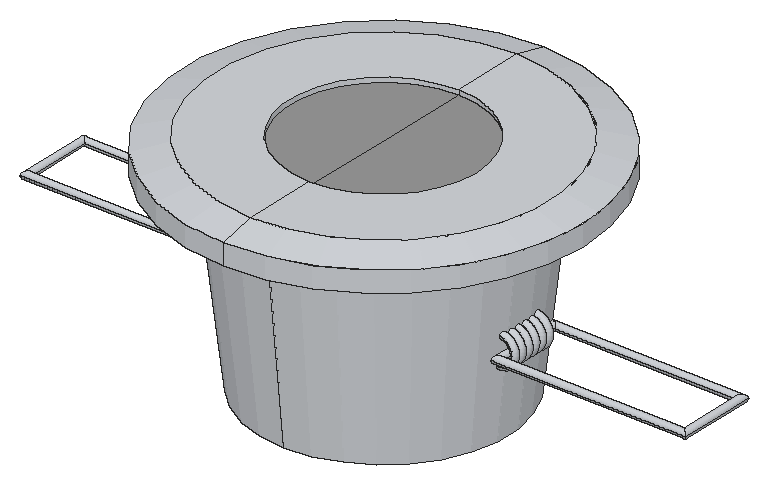
Revit family "0005365-3000K", category Lighting Fixtures, host Face, Revit 2018
Family settings
  Host = Face
  Round Connector Dimension = Use Diameter
  Part Type = Normal
  OmniClass Number = 23.80.70.00
  OmniClass Title = Lighting
  Cut with Voids When Loaded = No
  Light Source = Yes
  Shared = No
  Room Calculation Point = No
Parameters (values of type "0005365 OBICO 68 IP65 530LM 3CCT DIM ADJ CHR")
  Weight = "n/a"
  Wattage Comments = ""
  Wattage = 159.577 W
  WarrantyStartDate [instance] = "n/a"
  WarrantyGuarantorParts = "n/a"
  WarrantyDurationUnit = "n/a"
  WarrantyDurationParts = ""
  WarrantyDescription = "http://www.sylvania-lighting.com"
  built-in parameter 1150110 = 1 (stored number, unit not read)
  Voltage = 0 V
  URL = "0.8"
  TypeName = "OBICO 68 IP65 530lm 3CCT DIM ADJ BRUSHED CHROME"
  Type Image = <None>
  Type Comments = "n/a"
  built-in parameter 1114217 = 1 (stored number, unit not read)
  Tilt Angle = -90.00°
  built-in parameter 1150109 = 1 (stored number, unit not read)
  built-in parameter 1150134 = 12
  built-in parameter 1150113 = 1 (stored number, unit not read)
  SerialNumber [instance] = "n/a"
  Photometric Web File = "0005365-3000K.ies"
  Material_3_SYL = none
  PowerFactor = 0.9
  PowerConsumption = "Lighting"
  NominalLength = 117 mm
  NominalHeight = 54 mm
  NominalDepth = 96 mm
  Name = "OBICO 68 IP65 530lm 3CCT DIM ADJ BRUSHED CHROME"
  ModelReference = Name  # "OBICO 68 IP65 530lm 3CCT DIM ADJ BRUSHED CHROME"
  ModelNumber = "0005365"
  Model = Name  # "OBICO 68 IP65 530lm 3CCT DIM ADJ BRUSHED CHROME"
  Material = "Feilo Sylvania"
  ManufacturerName = "98 lm/W"
  Manufacturer = ""
  LuminousEfficacy = ""
  built-in parameter 1150105 = 23097.3 (stored number, unit not read)
  Lumens = 13404.5 lm
  LuminaireType = "0"
  built-in parameter 1150115 = 1 (stored number, unit not read)
  LightOutputRatio = "LED"
  built-in parameter 1150137 = (empty or 0)
  built-in parameter 1150139 = (empty or 0)
  LampsType = Lamp  # "n/a"
  LampNominalLuminous = "3000 K"
  LampMacAdamStep = "90"
  LampColourTemperature = "LED"
  LampColourRenderingIndex = "16500"
  built-in parameter 1150112 = 1 (stored number, unit not read)
  built-in parameter 1150114 = 1 (stored number, unit not read)
  Lamp = "n/a"
  Keynote = "n/a"
  InstallationDate [instance] = "n/a"
  InputVoltage = "0"
  InputNominalFrequency = "3000"
  built-in parameter 1150132 = (empty or 0)
  built-in parameter 1150102 = (empty or 0)
  built-in parameter 1150107 = 4000 (stored number, unit not read)
  built-in parameter 1150138 = (empty or 0)
  IngressProtection = "IfcLightFixtureType"
  ImpactProtectionIndex = "IfcLightFixtureType"
  built-in parameter 1150106 = 230.97 (stored number, unit not read)
  IfcExportType = "IfcLightFixtureType"
  IfcExportAs = "Class II"
  Emit from Circle Diameter = 609.6 mm
  Emit Shape Visible in Rendering = no
  ElectricShockClassification = "98"
  built-in parameter 1150104 = 7.8039 (stored number, unit not read)
  DocumentationLiterature = "http://www.sylvania-lighting.com/product/en-int/products/0005365"
  DimmingControlOptions = "n/a"
  Material_2_SYL = none
  Dimming Lamp Color Temperature Shift = <None>
  Description = ""
  Default Elevation = 1219.2 mm
  CreatedOn = "27/07/2022"
  CreatedBy = "@sylvania-lighting.com"
  Cost = 0
  Color Filter = 16777215
  built-in parameter 1114216 [instance] = (empty or 0)
  ClassificationValue = "EF_70_80"
  ClassificationName = "Uniclass2015"
  Material_1_SYL = Default
  BarCode [instance] = "n/a"
  built-in parameter 1114218 = 1 (stored number, unit not read)
  built-in parameter 1150133 = 10 (stored number, unit not read)
  AssetType = "Fixed"
  AssetIdentifier [instance] = "n/a"
  Assembly Code = "D5020200"
  Apparent Load = 5.4 VA
  Material_4_SYL = none
Reference planes
  plane 1 "Center (Front/Back)": y = 0
  plane 2: z = 0
  plane 3 "Center (Left/Right)": x = 0
  plane 4: y = -48
  plane 5: y = 48
  plane 6: z = 7
  plane 7: z = -4
  plane 8: z = -47
  plane 9: y = 40
  plane 10: y = -40
  plane 11: y = 30
  plane 12: y = -30
  plane 13: y = -35
  plane 14: y = 35
  plane 15: z = 5
  plane 16: y = 22.5
  plane 17: z = 6
Forms (mm)
  Revolve 1, solid, detail levels medium+fine
    sketch origin (0.25, 1524, 1219.2) x (0, 1, 0) y (0, 0, 1)
      loop
        line (-1524, -1214.2) -> (-1524, -1266.2) -> (-1494, -1266.2) -> (-1489, -1223.2) -> (-1489, -1219.2) -> (-1476, -1219.2) -> (-1476, -1214.2) -> (-1484, -1212.2) -> (-1501.5, -1212.2) -> (-1501.5, -1214.2) -> (-1524, -1214.2)
      axis (-1524, -1266.2) -> (-1524, -1212.2)
    angle from 360 to 0
  Revolve 2, solid, material "Glass, White, High Luminance", detail levels fine
    sketch origin (0.25, 1524, 1219.2) x (0, 1, 0) y (0, 0, 1)
      loop
        line (-1501.5, -1213.2) -> (-1524, -1213.2) -> (-1524, -1214.2) -> (-1501.5, -1214.2) -> (-1501.5, -1213.2)
      axis (-1524, -1214.2) -> (-1524, -1213.2)
    angle from 360 to 0
  Sweep 3, solid, detail levels fine
    path origin (-4.117, 0.46, 7.176) x (1, 0, 0) y (0, 1, 0)
      loop
        line (-75, 8.5) -> (-75, -8.5) -> (-30, -8.5) -> (-30, 8.5) -> (-75, 8.5)
    profile origin (-56.617, 8.96, 7.176) x (0, 1, 0) y (0, 0, 1)
      loop
        circle (0, -33.041) r 0.899
  Revolve 4, solid, detail levels fine
    sketch origin (-32.259, 1523.987, 1226.512) x (0, 1, 0) y (0, 0, 1)
      loop
        circle (-1518.723, -1248.745) r 0.801
      loop
        circle (-1520.733, -1248.823) r 0.801
      loop
        circle (-1522.743, -1248.823) r 0.801
      loop
        circle (-1524.772, -1248.823) r 0.801
      loop
        circle (-1526.817, -1248.823) r 0.801
      loop
        circle (-1528.846, -1248.823) r 0.801
      axis (-1529.647, -1252.2) -> (-1517.923, -1252.2)
    angle from -29.09 to 193.564
  Sweep 5, solid, detail levels fine
    path origin (4.117, 0.46, 7.176) x (-1, 0, 0) y (0, -1, 0)
      loop
        line (-75, -8.5) -> (-30, -8.5) -> (-30, 8.5) -> (-75, 8.5) -> (-75, -8.5)
    profile origin (56.617, 8.96, 7.176) x (0, -1, 0) y (0, 0, 1)
      loop
        circle (0, -33.041) r 0.899
  Revolve 6, solid, detail levels fine
    sketch origin (32.259, 1523.987, 1226.512) x (0, 1, 0) y (0, 0, -1)
      loop
        circle (-1518.723, 1248.745) r 0.801
      loop
        circle (-1520.733, 1248.823) r 0.801
      loop
        circle (-1522.743, 1248.823) r 0.801
      loop
        circle (-1524.772, 1248.823) r 0.801
      loop
        circle (-1526.817, 1248.823) r 0.801
      loop
        circle (-1528.846, 1248.823) r 0.801
      axis (-1529.647, 1252.2) -> (-1517.923, 1252.2)
    angle from -29.09 to 193.564
  Extrusion 7, solid, detail levels coarse
    sketch origin (0, 0, 0) x (1, 0, 0) y (0, 0, 1)
      loop
        line (-80, 7) -> (-80, -47) -> (80.032, -47) -> (80.032, 7) -> (-80, 7)
    from -48 to 48
Dimensions and locks
  aligned and locked: plane 2 to host face
  aligned and locked: level to host face
  aligned and locked: Revolve 2 sketch curve to plane 17
  aligned and locked: Revolve 2 sketch curve to plane 16
  aligned and locked: Revolve 2 sketch curve to Revolve 1
  aligned and locked: plane 1 "Center (Front/Back)" to Revolve 2 sketch curve
Connectors
  electrical at (0.25, -30, -47)
    settings: on Revolve 1, index 1, voltage 0 V, apparent load 0 VA, apparent load phase1 0 VA, apparent load phase2 0 VA, apparent load phase3 0 VA, power factor 1, load classification "Other", number of poles 1, system type 31, power factor state 1, is connector primary yes, connector utility no, sub classification motor no, connector description ""
